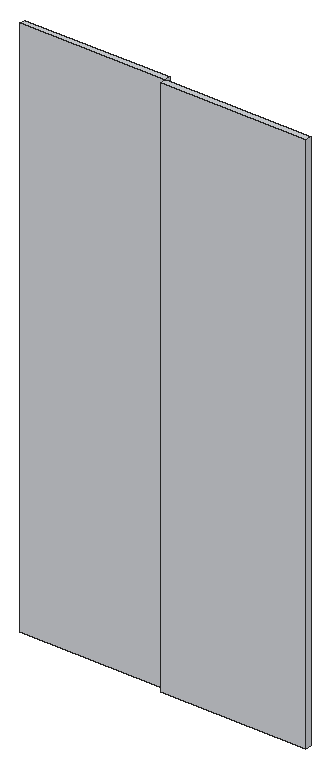
Revit family "Door_Stackingr", category Doors, host Wall, Revit 2022
Family settings
  Host = Wall
  OmniClass Number = 23.30.10.00
  OmniClass Title = Doors
  Always vertical = Yes
  Cut with Voids When Loaded = No
  Shared = No
  Room Calculation Point = No
Parameters
  Mat_Door = none
  Function = Interior
  Frame Projection Ext. = 25 mm
  Frame Projection Int. = 25 mm
  Frame Width = 75 mm
  Height = 3600 mm
  Wall Closure = By host
  Width = 1920 mm
  DoorThickness = 40 mm
  DoorPanel_Width = Width / 2  # 960 mm
  DoorPanel_Offset = DoorThickness / 2  # 20 mm
  Define Thermal Properties by = Schematic Type
  Analytic Construction = "<None>"
Reference planes
  plane 1: y = 0
  plane 2 "Center (Left/Right)": x = 0
  plane 3 "Left": x = -960
  plane 4 "Right": x = 960
  plane 5: z = 3600
  plane 6 "Exterior": y = 75
  plane 7 "Interior": y = -75
  plane 8: y = 20
  plane 9: y = -20
  plane 10: x = -480
  plane 11: x = 480
  plane 12: y = -20
  plane 13: y = 20
Forms (mm)
  Extrusion 1, void
    sketch origin (1200, 0, 0) x (1, 0, 0) y (0, 1, 0)
      loop
        line (-2160, 75) -> (-2160, -75) -> (-240, -75) -> (-240, 75) -> (-2160, 75)
    from 0 to 3600
Text (mm)
  text "Exterior" at (-1376.75, 1099.543, 0), in view "Ref. Level"
  text "Exterior" at (0, 1615.38, 3698.081), in view "Left"
  text "Exterior" at (0, 1036.032, 3874.932), in view "Right"
Dimensions and locks
  equal spacing: plane 3 "Left", plane 2 "Center (Left/Right)", plane 4 "Right"
  "Width": plane 3 "Left" to plane 4 "Right"
  "Height": plane 5 to host wall
  host wall to plane 5 = 3600 mm  (x2)
  locked: plane 6 "Exterior" to host wall
  locked: plane 7 "Interior" to host wall
  equal spacing: plane 8, plane 1, plane 9
  "DoorThickness": plane 8 to plane 9
  equal spacing: plane 3 "Left", plane 10, plane 2 "Center (Left/Right)"
  equal spacing: plane 2 "Center (Left/Right)", plane 11, plane 4 "Right"
  "DoorPanel_Offset": host wall to plane 13
  "DoorPanel_Offset": plane 12 to host wall
  aligned and locked: plane 1 to host wall
  aligned and locked: nested 1 to level
  aligned and locked: Extrusion 1 sketch curve to host wall
  aligned and locked: host wall to Extrusion 1 sketch curve
  aligned and locked: Extrusion 1 to plane 5
  aligned and locked: nested 1 to plane 13
  aligned and locked: nested 1 to plane 10
  aligned and locked: nested 2 to level
  aligned and locked: plane 11 to nested 2
  aligned and locked: nested 2 to plane 12
Automatic sketch dimensions
  Extrusion 1 sketch curve to plane 3 "Left" = 0 mm
  Extrusion 1 sketch curve to plane 4 "Right" = 0 mm
Nested families
  nested 1: "DoorPanel" at (-480, 20, 0), type "DoorPanel"
    with DoorPanel_Width 960 mm, DoorPanel_Height 3600 mm
  nested 2: "DoorPanel" at (480, -20, 0), type "DoorPanel"
    with DoorPanel_Width 960 mm, DoorPanel_Height 3600 mm
Definition of nested family "DoorPanel"
  Parameters (values of type "DoorPanel")
    DoorPanel_Width = 1200 mm
    DoorPanel_Thickness = 40 mm
    DoorPanel_Height = 2100 mm
    DoorPanel = none
    Default Elevation = 0 mm
  Reference planes
    plane 1 "Center (Front/Back)": y = 0
    plane 2: z = 0
    plane 3 "Center (Left/Right)": x = 0
    plane 4: x = -600
    plane 5: x = 600
    plane 6: y = 20
    plane 7: y = -20
    plane 8: z = 2100
  Forms (mm)
    Extrusion 1, solid, material <- "DoorPanel"
      sketch origin (0, 0, 0) x (1, 0, 0) y (0, 1, 0)
        loop
          line (-600, 20) -> (-600, -20) -> (600, -20) -> (600, 20) -> (-600, 20)
      from 0 to 2100
  Dimensions and locks
    equal spacing: plane 4, plane 3 "Center (Left/Right)", plane 5
    equal spacing: plane 6, plane 1 "Center (Front/Back)", plane 7
    "DoorPanel_Width": plane 4 to plane 5
    "DoorPanel_Thickness": plane 6 to plane 7
    "DoorPanel_Height": plane 8 to plane 2
    aligned and locked: level to plane 2
    aligned and locked: Extrusion 1 sketch curve to plane 6
    aligned and locked: Extrusion 1 sketch curve to plane 7
    aligned and locked: Extrusion 1 sketch curve to plane 4
    aligned and locked: Extrusion 1 sketch curve to plane 5
    aligned and locked: plane 8 to Extrusion 1
    aligned and locked: Extrusion 1 to plane 2
